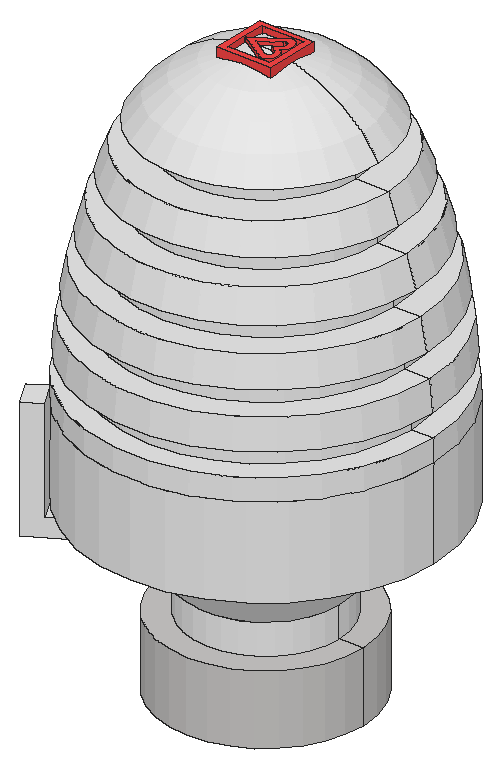
Revit family "HERZ-Design-Thermostatic Sensor M28x1.5 9260", category Rohrzubehör, Revit 2020
Family settings
  Bemaßung runder Anschluss = Durchmesser verwenden
  Teiletyp = Normal
  OmniClass-Nummer = 23.65.55.14
  OmniClass-Titel = Valves for Liquid Services
  Arbeitsebenenbasiert = Nein
  Immer vertikal = Nein
  Beim Laden mit Abzugskörper schneiden = Nein
  Gemeinsam genutzt = Nein
Parameters
  Vorgabe-Ansicht = 0.000 mm
  URL = "www.herzvalves.com"
  Set value range = "6-28°C"  # constant formula
  S02 = 60.000 mm  # constant formula
  S01 = 90.000 mm  # constant formula
  Part number = 1926006  # constant formula
  Operation = "The HERZ thermostat serves as a room temperature sensing and control unit.\r\nThe change in volume of the liquid contained in the hydrosensor actuates the valve spindle."
  Hersteller = "HERZ Armaturen Ges.m.b.H."  # constant formula
  Hand wheel = "plastic, white"  # constant formula
  Frost protection = 6 °C  # constant formula
  Finish = "Radiator Thermostat With Hydrosensor (liquid filled)\r\nWith automatic frost release, limitation and locking of selected temperature range,\r\nhandwheel white."
  Application = "Can be combined with any HERZ-valve suitable for thermostatic operation."
Reference planes
  plane 1 "Mitte (Vorne/hinten)": y = 0
  plane 2: z = 0
  plane 3 "Mitte (Links/rechts)": x = 0
Forms (mm)
  Revolve 1, solid, material "Kunststoff weiß", detail levels fine
    sketch origin (0, 0, 0) x (1, 0, 0) y (0, 0, 1)
      loop
        line (0, 0) -> (0, 90)
        arc (0, 90) -> (-10.767, 87.197) -> (-18.8, 79.5) r 22.08
        arc (-18.8, 79.5) -> (-25.672, 59.356) -> (-28, 38.2) r 97.301
        line (-28, 38.2) -> (-28, 23.2) -> (-23.25, 23.2) -> (-23.25, 20.5) -> (-20.4, 20.5) -> (-20.4, 19.7) -> (-12.2, 11.5) -> (-12.2, 4.8) -> (-13.2, 4.8) -> (-13.2, 0) -> (0, 0)
      axis (0, 90) -> (0, 0)
    angle from 0 to 360
  Extrusion 2, solid, material "Kunststoff weiß", detail levels fine
    sketch origin (0, 0, 0) x (0.866025, 0.5, 0) y (0, 0, 1)
      loop
        line (-28.5, 36.04) -> (-31.75, 36.04) -> (-31.75, 16.2) -> (-20.85, 16.2) -> (-20.85, 20.5) -> (-23.25, 20.5) -> (-23.25, 21.5) -> (-24.578, 19.2) -> (-28.5, 19.2) -> (-28.5, 36.04)
    from 2.5 to -2.5
  Extrusion 3, solid, material "Kunststoff weiß", detail levels fine
    sketch origin (0, 0, 0) x (0, 1, 0) y (0, 0, 1)
      loop
        arc (0.75, 19.2) -> (1.987, 19.713) -> (2.5, 20.95) r 1.75
        line (2.5, 20.95) -> (2.5, 32.2) -> (-2.5, 32.2) -> (-2.5, 20.95)
        arc (-2.5, 20.95) -> (-1.987, 19.713) -> (-0.75, 19.2) r 1.75
        line (-0.75, 19.2) -> (0.75, 19.2)
    from 0 to -31.5
  Revolve 4, solid, material "Messing verzinkt", detail levels fine
    sketch origin (0, 0, 0) x (1, 0, 0) y (0, 0, 1)
      loop
        line (0, 0) -> (0, 6.5) -> (-16.25, 6.5) -> (-16.25, -5) -> (-14, -5) -> (-14, 0) -> (0, 0)
      axis (0, 6.5) -> (0, -5)
    angle from 0 to 360
  Revolve 5, void
    sketch origin (0, 0, 0) x (1, 0, 0) y (0, 0, 1)
      loop
        arc (-18.8, 79.5) -> (-19.64, 77.659) -> (-20.442, 75.8) r 97.301
        line (-20.442, 75.8) -> (-14.951, 75.8) -> (-14.951, 79.5) -> (-18.8, 79.5)
      loop
        line (-27.933, 41.8) -> (-24.226, 41.8) -> (-24.226, 45.5) -> (-27.726, 45.5)
        arc (-27.726, 45.5) -> (-27.847, 43.651) -> (-27.933, 41.8) r 97.301
      loop
        arc (-22.197, 71.3) -> (-22.843, 69.456) -> (-23.452, 67.6) r 97.301
        line (-23.452, 67.6) -> (-18.697, 67.6) -> (-18.697, 71.3) -> (-22.197, 71.3)
      loop
        arc (-24.865, 62.7) -> (-25.326, 60.854) -> (-25.751, 59) r 97.301
        line (-25.751, 59) -> (-21.365, 59) -> (-21.365, 62.7) -> (-24.865, 62.7)
      loop
        arc (-26.692, 54.1) -> (-26.98, 52.253) -> (-27.232, 50.4) r 97.301
        line (-27.232, 50.4) -> (-23.192, 50.4) -> (-23.192, 54.1) -> (-26.692, 54.1)
      axis (0, 79.5) -> (0, 41.8)
    angle from 0 to 360
Cuts and joins
  Revolve 5 cuts Revolve 1
Lines and regions (mm)
  model lines, detail levels coarse+medium
    curve 1: line (0, 0, 0) -> (0, 0, 30)
    curve 2: line (0, 0.018, 0) -> (30, 0.018, 0)
    curve 3: circle (0, 0, 60) r 30 normal (0, -1, 0)
    curve 4: circle (0, 0, 60) r 30 normal (1, 0, 0)
    curve 5: line (0, 0, 40) -> (0, 0, 80)
    curve 6: line (0, 17.5, 80) -> (0, -17.5, 80)
    curve 7: line (0, 0, 40) -> (0, 0, 80)
    curve 8: line (-17.5, 0, 80) -> (17.5, 0, 80)
    curve 9: circle (60, 0.018, 0) r 30 normal (0, 0, 1)
    curve 10: line (40, 0.018, 0) -> (80, 0.018, 0)
    curve 11: line (80, -17.482, 0) -> (80, 17.518, 0)
Dimensions and locks
  nested 1 to plane 2 = 89.000 mm
  "S01": curve 4 to plane 2
  "S01": curve 3 to plane 2
  "S01": plane 3 "Mitte (Links/rechts)" to curve 9
  "S02": diameter of curve 3
  "S02": diameter of curve 4
  "S02": diameter of curve 9
  aligned and locked: level to plane 2
Automatic sketch dimensions
  Revolve 1 sketch curve to level = 0.000 mm
  Revolve 1 sketch curve to plane 3 "Mitte (Links/rechts)" = 0.000 mm  (x2)
  Revolve 1 sketch curve to plane 3 "Mitte (Links/rechts)" = 12.200 mm
  Revolve 1 sketch curve to Revolve 1 sketch curve = 1.000 mm
  Revolve 1 sketch curve to Revolve 1 sketch curve = 8.200 mm  (x2)
  Revolve 1 sketch curve to Revolve 1 sketch curve = 2.850 mm
  Revolve 1 sketch curve to Revolve 1 sketch curve = 4.750 mm
  plane 3 "Mitte (Links/rechts)" to Revolve 1 sketch curve = 69.301 mm
  level to Revolve 1 sketch curve = 4.800 mm
  Revolve 1 sketch curve to Revolve 1 sketch curve = 6.700 mm
  Revolve 1 sketch curve to Revolve 1 sketch curve = 0.800 mm
  Revolve 1 sketch curve to Revolve 1 sketch curve = 2.700 mm
  Revolve 1 sketch curve to Revolve 1 sketch curve = 15.000 mm
  Revolve 1 sketch curve to Revolve 1 sketch curve = 29.720 mm
  Revolve 1 sketch curve to Revolve 1 sketch curve = 22.080 mm
  Revolve 1 sketch curve to level = 366.045 mm
  Revolve 1 sketch curve to Revolve 1 sketch curve = 0.000 mm
  level to Extrusion 2 sketch curve = 36.040 mm
  Extrusion 2 sketch curve to Extrusion 2 sketch curve = 3.250 mm
  Extrusion 2 sketch curve to Extrusion 2 sketch curve = 3.922 mm
  level to Extrusion 2 sketch curve = 21.500 mm
  Extrusion 2 sketch curve to Extrusion 2 sketch curve = 1.328 mm
  Extrusion 2 sketch curve to Extrusion 2 sketch curve = 3.728 mm
  Extrusion 2 sketch curve to Extrusion 2 sketch curve = 1.000 mm
  Extrusion 2 sketch curve to Extrusion 2 sketch curve = 1.300 mm
  Extrusion 2 sketch curve to Extrusion 2 sketch curve = 3.000 mm
  plane 1 "Mitte (Vorne/hinten)" to Extrusion 3 sketch curve = 2.500 mm
  plane 1 "Mitte (Vorne/hinten)" to Extrusion 3 sketch curve = 0.750 mm
  Extrusion 3 sketch curve to plane 1 "Mitte (Vorne/hinten)" = 0.750 mm
  Extrusion 3 sketch curve to plane 1 "Mitte (Vorne/hinten)" = 2.500 mm
  level to Extrusion 3 sketch curve = 19.200 mm
  Extrusion 3 sketch curve to Extrusion 3 sketch curve = 11.250 mm
  Revolve 4 sketch curve to level = 0.000 mm
  Revolve 4 sketch curve to plane 3 "Mitte (Links/rechts)" = 0.000 mm  (x2)
  Revolve 4 sketch curve to level = 5.000 mm
  Revolve 4 sketch curve to plane 3 "Mitte (Links/rechts)" = 14.000 mm
  Revolve 4 sketch curve to Revolve 4 sketch curve = 2.250 mm
  level to Revolve 4 sketch curve = 6.500 mm
  Revolve 4 sketch curve to Revolve 4 sketch curve = 361.045 mm
  Revolve 4 sketch curve to Revolve 4 sketch curve = 2207.815 mm
  Revolve 5 sketch curve to Revolve 5 sketch curve = 0.000 mm  (x20)
  Revolve 5 sketch curve to plane 3 "Mitte (Links/rechts)" = 0.000 mm
  Revolve 5 sketch curve to plane 3 "Mitte (Links/rechts)" = 14.951 mm
  Revolve 5 sketch curve to Revolve 5 sketch curve = 3.746 mm
  Revolve 5 sketch curve to Revolve 5 sketch curve = 3.849 mm
  Revolve 5 sketch curve to Revolve 5 sketch curve = 1.642 mm
  Revolve 5 sketch curve to Revolve 5 sketch curve = 2.668 mm
  Revolve 5 sketch curve to Revolve 5 sketch curve = 3.500 mm  (x4)
  Revolve 5 sketch curve to Revolve 5 sketch curve = 1.827 mm
  Revolve 5 sketch curve to Revolve 5 sketch curve = 1.255 mm
  Revolve 5 sketch curve to Revolve 5 sketch curve = 1.034 mm
  Revolve 5 sketch curve to Revolve 5 sketch curve = 0.886 mm
  Revolve 5 sketch curve to Revolve 5 sketch curve = 0.540 mm
  Revolve 5 sketch curve to Revolve 5 sketch curve = 0.208 mm
  level to Revolve 5 sketch curve = 38.200 mm
  plane 3 "Mitte (Links/rechts)" to Revolve 5 sketch curve = 69.301 mm
  level to Revolve 5 sketch curve = 41.800 mm
  Revolve 5 sketch curve to Revolve 5 sketch curve = 4.900 mm  (x3)
  Revolve 5 sketch curve to Revolve 5 sketch curve = 4.500 mm
  Revolve 5 sketch curve to level = 366.045 mm
  Revolve 5 sketch curve to Revolve 5 sketch curve = 2134.815 mm
  curve 5 to plane 1 "Mitte (Vorne/hinten)" = 0.000 mm
  curve 4 to plane 1 "Mitte (Vorne/hinten)" = 0.000 mm
  plane 1 "Mitte (Vorne/hinten)" to curve 6 = 17.500 mm
  curve 5 to curve 6 = 17.500 mm
  curve 5 to curve 4 = 20.000 mm
  curve 4 to curve 6 = 20.000 mm
  curve 3 to plane 3 "Mitte (Links/rechts)" = 0.000 mm
  curve 7 to plane 3 "Mitte (Links/rechts)" = 0.000 mm
  curve 1 to plane 3 "Mitte (Links/rechts)" = 0.000 mm
  curve 1 to level = 0.000 mm
  curve 8 to curve 7 = 17.500 mm
  plane 3 "Mitte (Links/rechts)" to curve 8 = 17.500 mm
  curve 1 to curve 7 = 10.000 mm
  curve 3 to curve 8 = 20.000 mm
  curve 2 to plane 3 "Mitte (Links/rechts)" = 0.000 mm
  curve 9 to plane 1 "Mitte (Vorne/hinten)" = 0.018 mm
  curve 10 to plane 1 "Mitte (Vorne/hinten)" = 0.018 mm
  curve 2 to curve 10 = 10.000 mm
  curve 9 to curve 11 = 20.000 mm
  plane 1 "Mitte (Vorne/hinten)" to curve 11 = 17.482 mm
  curve 2 to plane 1 "Mitte (Vorne/hinten)" = 0.018 mm
  curve 10 to curve 11 = 17.500 mm
Nested families
  nested 1: "Herz-Logo" at (0, 0, 89) x (0, -1, 0) z (0, 0, 1), type "Herz-Logo"
Definition of nested family "Herz-Logo"
  Parameters (values of type "Herz-Logo")
    Default Elevation = 0.000 mm
  Reference planes
    plane 1 "Mitte (Vorne/hinten)": y = 0
    plane 2: z = 0
    plane 3 "Mitte (Links/rechts)": x = 0
  Forms (mm)
    Extrusion 1, solid
      sketch origin (0, 0, 0) x (1, 0, 0) y (0, 1, 0)
        loop
          line (-0.018, -4.517) -> (4.482, -4.517) -> (4.482, 4.483) -> (-4.518, 4.483) -> (-4.518, -4.517) -> (-0.018, -4.517)
        loop
          line (-0.05, -3.48) -> (3.482, -3.48) -> (3.482, 3.483) -> (-3.518, 3.483) -> (-3.518, -3.48) -> (-0.05, -3.48)
        loop
          arc (-0.018, 2.383) -> (-1.543, 3.287) -> (-3.067, 2.383) r 1.738
          arc (-3.067, 2.383) -> (-3.191, 1.899) -> (-3.067, 1.415) r 1.009
          line (-3.067, 1.415) -> (-0.018, -3.281) -> (3.032, 1.415)
          arc (3.032, 1.415) -> (3.156, 1.899) -> (3.032, 2.383) r 1.009
          arc (3.032, 2.383) -> (1.507, 3.287) -> (-0.018, 2.383) r 1.738
        loop
          arc (1.885, 1.272) -> (2.005, 1.675) -> (1.885, 2.079) r 0.74
          arc (1.885, 2.079) -> (1.265, 2.416) -> (0.644, 2.079) r 0.74
          line (0.644, 2.079) -> (-0.018, 0.97) -> (-0.679, 2.079)
          arc (-0.679, 2.079) -> (-1.3, 2.416) -> (-1.921, 2.079) r 0.74
          arc (-1.921, 2.079) -> (-2.04, 1.675) -> (-1.921, 1.272) r 0.74
          line (-1.921, 1.272) -> (-0.018, -1.658) -> (1.885, 1.272)
      from 0 to 1.5
  Dimensions and locks
    aligned and locked: level to plane 2
